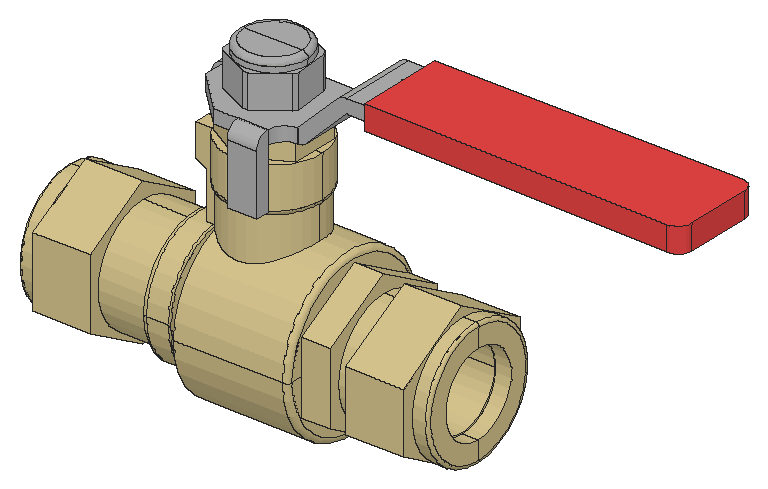
Revit family "QA10910000", category Apparecchi idraulici, Revit 2016
Family settings
  Tipo di parte = Normale
  Quota connettore circolare = Usa diametro
  Numero OmniClass = 23.45.00.00
  Titolo OmniClass = Sanitary, Laundry, and Cleaning Equipment
  Basato su piano di lavoro = No
  Sempre verticale = Sì
  Taglio con vuoti quando caricato = No
  Condiviso = No
  Punto di calcolo locali = No
Parameters
  URL = "https://web.cimberio.it/index.php/figura/206?subcategoria_id=42864"
  DN Model [instance] = QA10915015 : QA10915015
  DN [instance] = 15 mm
Reference planes
  plane 1 "Centro (Fronte/Retro)": y = 0
  plane 2: z = 0
  plane 3 "Centro (Sinistra/Destra)": x = 0
Dimensions and locks
  aligned and locked: level to plane 2
Nested families
  nested 1: "QA10915015" at (0, 0, 0), type <- "DN Model", type "QA10915015"
    with DN 10 mm
  nested 2: "QA10915015" at (0, 0, 0), type <- "DN Model", type "QA10915015"
    with DN 10 mm
  nested 3: "QA10915015" at (0, 0, 0), type <- "DN Model", type "QA10915015"
    with DN 10 mm
  nested 4: "QA10915015" at (0, 0, 0), type <- "DN Model", type "QA10915015"
    with DN 10 mm
  nested 5: "QA10915015" at (0, 0, 0), type <- "DN Model", type "QA10915015"
    with DN 10 mm
  nested 6: "QA10915015" at (0, 0, 0), type <- "DN Model", type "QA10915015"
    with DN 10 mm
  nested 7: "QA10915015" at (0, 0, 0), type <- "DN Model", type "QA10915015"
    with DN 10 mm
  nested 8: "QA10915015" at (0, 0, 0), type <- "DN Model", type "QA10915015"
    with DN 10 mm
  nested 9: "QA10915015" at (0, 0, 0), type <- "DN Model", type "QA10915015"
    with DN 10 mm
Connectors
  piping at (34.344, -0.11, 0), diameter 15, driven by "DN"
    settings: on nested 1, index 1, connector inside diameter 609.6 mm, connector length 0 mm, flow factor 0, pipe flow 0.0 L/s, pressure drop 0.0 Pa, fitting loss kfactor 0, connector angle 0.00°, fixture units 0, engagement length 0 mm, angle of deflection 0.00°, flow configuration 0, flow direction 0, fitting loss method 0, system type 7, joint type 0, gender type 0, connector reference index -1, connector utility 0, adjustable connector no, is connector primary yes, connector description ""
  piping at (-34.271, 0, 0), diameter 15, driven by "DN"
    settings: on nested 1, index 2, connector inside diameter 609.6 mm, connector length 0 mm, flow factor 0, pipe flow 0.0 L/s, pressure drop 0.0 Pa, fitting loss kfactor 0, connector angle 0.00°, fixture units 0, engagement length 0 mm, angle of deflection 0.00°, flow configuration 0, flow direction 0, fitting loss method 0, system type 7, joint type 0, gender type 0, connector reference index -1, connector utility 0, adjustable connector no, is connector primary no, connector description ""
Definition of nested family "QA10915015"
  Parameters (values of type "QA10915015")
    DN [instance] = 10 mm  # constant formula
  Reference planes
    plane 1 "Centro (Fronte/Retro)": y = 0
    plane 2: z = 0
    plane 3 "Centro (Sinistra/Destra)": x = 0
  Forms (mm)
    Revolve 1, solid
      sketch origin (0, 0, 0) x (1, 0, 0) y (0, 1, 0)
        loop
          line (-14.5, 7.5) -> (14.6, 7.5) -> (14.6, 14)
          arc (14.6, 14) -> (14.307, 14.707) -> (13.6, 15) r 1
          line (13.6, 15) -> (-6.25, 15) -> (-8.888, 12.362)
          arc (-8.888, 12.362) -> (-9.236, 12.095) -> (-9.664, 12) r 1.013
          line (-9.664, 12) -> (-13.5, 12)
          arc (-13.5, 12) -> (-14.207, 11.707) -> (-14.5, 11) r 1
          line (-14.5, 11) -> (-14.5, 7.5)
        axis (-14.5, 0) -> (14.6, 0)
      angle from 0 to 360
    Revolve 2, solid
      sketch origin (0, 0, 0) x (1, 0, 0) y (0, 0, 1)
        loop
          line (-14.139, 10.375) -> (-26.587, 10.375) -> (-26.587, 7.5) -> (-14.139, 7.5) -> (-14.139, 10.375)
        axis (-26.587, 0) -> (-14.139, 0)
      angle from 0 to 360
    Revolve 3, solid
      sketch origin (0, 0, 0) x (-1, 0, 0) y (0, 0, -1)
        loop
          line (-20.1, -10.45) -> (-20.1, -7.5) -> (-26.587, -7.5) -> (-26.587, -10.45) -> (-20.1, -10.45)
        axis (-26.587, 0) -> (-20.1, 0)
      angle from 0 to 360
    Extrusion 4, solid
      sketch origin (-11, 0, 0) x (0, 0, 1) y (0, 1, 0)
        loop
          circle (0, 0) r 7.5
        loop
          line (13.25, 0) -> (6.38, 11.9) -> (-6.38, 11.9) -> (-13.25, 0) -> (-6.38, -11.9) -> (6.38, -11.9) -> (13.25, 0)
      from 12.771 to 23.271
    Extrusion 5, solid
      sketch origin (0, 0, 0) x (0, 1, 0) y (0, 0, 1)
        loop
          circle (0, 0) r 7.5
        loop
          line (0, 13.5) -> (-12, 6.572) -> (-12, -6.572) -> (0, -13.5) -> (12, -6.572) -> (12, 6.572) -> (0, 13.5)
      from 14.6 to 20.1
    Extrusion 6, solid
      sketch origin (11, 0, 0) x (0, 0, 1) y (0, -1, 0)
        loop
          circle (0, 0) r 7.5
        loop
          line (13.25, 0) -> (5.54, 13.355) -> (-5.54, 13.355) -> (-13.25, 0) -> (-5.73, -13.026) -> (5.73, -13.026) -> (13.25, 0)
      from 12.844 to 23.344
    Revolve 7, solid
      sketch origin (0.859, 0, 0) x (1, 0, 0) y (0, 0, 1)
        loop
          line (-35.13, 11.5) -> (-37.63, 11.5)
          arc (-37.63, 11.5) -> (-37.998, 11.287) -> (-38.13, 10.883) r 0.596
          line (-38.13, 10.883) -> (-38.13, 7.5) -> (-35.13, 7.5) -> (-35.13, 11.5)
        axis (-38.13, 0) -> (-35.13, 0)
      angle from 0 to 360
    Revolve 8, solid
      sketch origin (-0.786, 0, 0) x (-1, 0, 0) y (0, 0, -1)
        loop
          line (-35.13, -11.5) -> (-35.13, -7.5) -> (-38.13, -7.5) -> (-38.13, -10.883)
          arc (-38.13, -10.883) -> (-37.998, -11.287) -> (-37.63, -11.5) r 0.596
          line (-37.63, -11.5) -> (-35.13, -11.5)
        axis (-38.13, 0) -> (-35.13, 0)
      angle from 0 to 360
    Revolve 9, solid
      sketch origin (0, 0, 0) x (1, 0, 0) y (0, 0, 1)
        loop
          line (0.063, 29.299) -> (0.063, 11.623) -> (8.5, 11.623) -> (8.5, 21)
          arc (8.5, 21) -> (8.863, 21.294) -> (9, 21.742) r 0.8
          line (9, 21.742) -> (9, 29.299) -> (0.063, 29.299)
        axis (0.063, 11.623) -> (0.063, 29.299)
      angle from 0 to 360
    Extrusion 10, solid
      sketch origin (0, 0, 0) x (1, 0, 0) y (0, 0, 1)
        loop
          line (-13, 27.288) -> (-13, 21.5) -> (-11, 20.345) -> (-11, 10.345) -> (-7.86, 10.345) -> (-7.86, 27.288) -> (-13, 27.288)
      from -1.5 to 1.5
    Extrusion 11, solid
      sketch origin (0, 0, 28.55) x (1, 0, 0) y (0, 1, 0)
        loop
          line (0, 8.66) -> (-7.5, 4.33) -> (-7.5, -4.33) -> (0, -8.66) -> (7.5, -4.33) -> (7.5, 4.33) -> (0, 8.66)
      from 0.749 to 4.75
    Extrusion 12, solid
      sketch origin (0, 0, 28.55) x (1, 0, 0) y (0, 1, 0)
        loop
          circle (0, 0) r 7.5
      from 4.75 to 5.75
    Extrusion 13, solid
      sketch origin (0, 0, 28.55) x (1, 0, 0) y (0, 1, 0)
        loop
          line (-10, 7) -> (-10, -2.9) -> (-2.9, -10) -> (7, -10)
          arc (7, -10) -> (7.879, -7.879) -> (10, -7) r 3
          line (10, -7) -> (10, 7) -> (-10, 7)
      from 5.75 to 8.25
    Extrusion 14, solid
      sketch origin (0, 0, 0) x (1, 0, 0) y (0, 0, 1)
        loop
          arc (-10, 36.8) -> (-11.768, 36.068) -> (-12.5, 34.3) r 2.5
          line (-12.5, 34.3) -> (-12.5, 25.455) -> (-10, 25.455) -> (-10, 36.8)
      from -7 to -1.5
    Extrusion 15, solid
      sketch origin (-11, 0, 0) x (0, 0, 1) y (0, 1, 0)
        loop
          line (36.8, -10) -> (23.3, -10) -> (23.3, -12.5) -> (34.3, -12.5)
          arc (34.3, -12.5) -> (36.068, -11.768) -> (36.8, -10) r 2.5
      from -18 to -12.6
    Extrusion 16, solid
      sketch origin (0, 0, 0) x (1, 0, 0) y (0, 0, 1)
        loop
          line (10, 36.8) -> (10, 34.3)
          arc (10, 34.3) -> (10.957, 34.49) -> (11.768, 35.032) r 2.5
          line (11.768, 35.032) -> (19.036, 42.3) -> (22.997, 42.3) -> (22.997, 44.8) -> (19.036, 44.8)
          arc (19.036, 44.8) -> (18.079, 44.61) -> (17.268, 44.068) r 2.5
          line (17.268, 44.068) -> (10, 36.8)
      from -7 to 7
    Extrusion 17, solid
      sketch origin (0, 0, 28.55) x (1, 0, 0) y (0, 1, 0)
        loop
          line (22.997, -8) -> (78.497, -8.484)
          arc (78.497, -8.484) -> (80.265, -7.752) -> (80.997, -5.984) r 2.5
          line (80.997, -5.984) -> (80.997, 5.962)
          arc (80.997, 5.962) -> (80.259, 7.746) -> (78.476, 8.484) r 2.522
          line (78.476, 8.484) -> (22.997, 8) -> (22.997, -8)
      from 12.75 to 17.25
    Extrusion 18, solid
      sketch origin (0, 0, 28.55) x (1, 0, 0) y (0, 1, 0)
        loop
          arc (-6.35, 3.498) -> (-6.563, 3.08) -> (-6.749, 2.649) r 7.25
          line (-6.749, 2.649) -> (-6.204, -3.751)
          arc (-6.204, -3.751) -> (-5.949, -4.144) -> (-5.668, -4.52) r 7.25
          line (-5.668, -4.52) -> (0.146, -7.249)
          arc (0.146, -7.249) -> (0.614, -7.224) -> (1.08, -7.169) r 7.25
          line (1.08, -7.169) -> (6.35, -3.498)
          arc (6.35, -3.498) -> (6.563, -3.08) -> (6.749, -2.649) r 7.25
          line (6.749, -2.649) -> (6.204, 3.751)
          arc (6.204, 3.751) -> (5.949, 4.144) -> (5.668, 4.52) r 7.25
          line (5.668, 4.52) -> (-0.146, 7.249)
          arc (-0.146, 7.249) -> (-0.614, 7.224) -> (-1.08, 7.169) r 7.25
          line (-1.08, 7.169) -> (-6.35, 3.498)
      from 8.25 to 14.25
    Revolve 19, solid
      sketch origin (0, 0, 0) x (1, 0, 0) y (0, 0, 1)
        loop
          line (0, 44.8) -> (0, 42.8) -> (6.25, 42.8) -> (6.25, 43.8)
          arc (6.25, 43.8) -> (5.958, 44.506) -> (5.252, 44.8) r 1
          line (5.252, 44.8) -> (0, 44.8)
        axis (0, 44.8) -> (0, 42.8)
      angle from 0 to 360
  Dimensions and locks
    aligned and locked: level to plane 2
